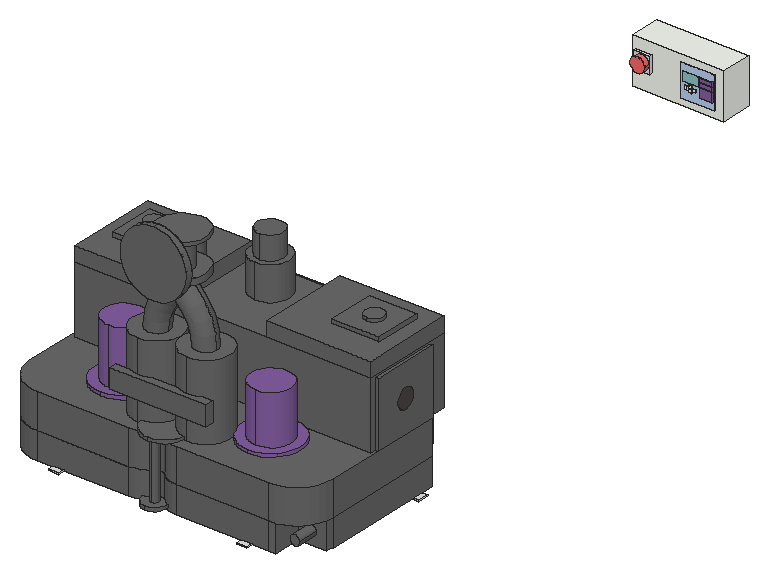
Revit family "11080", category Generic Models, Revit 2021
Family settings
  Can host rebar = No
  Round Connector Dimension = Use Diameter
  Part Type = Normal
  Work Plane-Based = No
  Always vertical = Yes
  Cut with Voids When Loaded = No
  Shared = Yes
  Room Calculation Point = No
Parameters (values of type "11080")
  SUPPLIER = "KESSEL"
  SA700ID49 = "Protection Class I"
  SA700ID48 = "no"
  SA700ID47 = "no"
  SA700ID46 = "yes"
  SA700ID37 = 28000 mm
  SA700ID34 = 60
  SA700ID33 = 5.7 W
  SA700ID32 = 222.72 kg
  SA700ID31 = 1
  SA700ID30 = 2
  SA700ID29 = "GLRD"
  SA700ID21 = 2800
  SA700ID10 = "yes"
  SA700ID08 = 400 V
  PROCUREWEBLINK = "https://p.caden.as/kessel/11080"
  PROCURELINK = "p.caden.as/kessel/11080"
  PROCUREDATALASTUPDATE = "2024-05-22T12:17:48.115502648+01:00"
  PREVIEW = "../../bilder/ksb_w_11080.png"
  PRC_SPECIFICATIONLINK = "https://ausschreiben.de/catalog/kessel/catalogItem/e810e59b-9e4c-44a9-90b6-bb2973ad9a50"
  NN = "Lifting station Aqualift F XL"
  NBSYN = "$SA810ID03."
  NB = "11080"
  Model = "11080"
  Manufacturer = "KESSEL"
  MIdent = "{$CADENAS_DATA/23d-libs/kessel/kessel_vdi_import/4/entwaesserung/hebeanlage20aqualift20f20xl.prj},201 {STYP=ASS},{VTYP=3D},{NB=11080},{LINA=11080},{NN=Lifting station Aqualift F XL},{DATE=21.11.2022 10:48:11},{GEOMDATE=21.11.2022 10:48:11},{VERSION=},{LINEID=150},{WBVAR=LODLEVEL},{WBNUMERIC=LODLEVEL}  {NB=11080},{LINA=11080},{KT=DUMMY},{PREVIEW=../../bilder/ksb_w_11080.png},{SA700ID04=Hebeanlage Aqualift F XL 300 l, Duo, SPF 5500-S3, Gussschieber},{SA810ID06=04026092057476},{SA700ID34=60.00},{SA010ID03=201805},{SA810ID03=11080},{SA810ID10=Die Hebeanlage für fäkalienhaltiges und fäkalienfreies Abwasser ist mit einer überflutbaren Pumpe sowie einem Rückflussverhinderer ausgestattet. Der Sammelbehälter aus dauerhaft beständigem Kunststoff (PE) bietet universale Anschlussmöglichkeiten und hat eine verschraubte Reinigungsöffnung.Die Steuerung erfolgt durch ein anwenderfreundliches Schaltgerät, das optional über einen potentialfreien Kontakt in die Gebäudeleittechnik eingebunden werden oder optional Alarm- und Sammelstörmeldungen über eine GSM-Schnittstelle (Comfort Schaltgerät) ausgeben kann.Ausführung:Absperreinrichtung: Schieber aus GussAnlagenart: DoppelanlagePumpensteuerung: SchaltgerätRückflussverhinderer: integriertSchalldämmmatte: jaAuslieferungszustand: installationsfertig (elektrische Komponenten, Verbindungsteile sind bauseits anzuschließen)Einbausituation: freie AufstellungAbwasserart: fäkalienhaltigAllgemeine Merkmale:Farbe: schwarzNorm: EN 12050-1Abmessungen:Länge: 1.260 mmBreite: 889 mmHöhe: 1.042 mmBehälter/Grundkörper:Zulauf Anzahl: 1 STZulauf Nennweite (DN): 100 mmZulauf Nennweite (DA): 110 mmZulauf max. Anbohrung (DN): 200 mmAnschluss für Handmembranpumpe (DN): 32Behältervolumen: 300 lDruckabgang: senkrechtDruckabgang (DA): 90 mmDruckabgang (DN): 80 mmEntlüftungsanschluss (DN): 70 mmNutzvolumen: 175 lFördereinrichtung:Pumpe: SPF 5500Anzahl Pumpen: 2Förderhöhe max.: 28 mFörderleistung max.: 60 m3/hBetriebsart: S3 - 30 %Leistung P1: 5,7 kWLeistung P2: 4,8 kWDrehzahl: 2.800 U/minFörderguttemperatur (dauerhaft) max.: 40 °CAnschlusstyp: DirektanschlussGewicht: 38 kgLaufrad Typ: FreistromradLänge Netzanschlussleitung Pumpe: 5 mNennstrom: 9,1 ASchutzart Pumpe: IP 68 (3m/48h)Schutzklasse: ITyp Anschlussleitung Pumpe: H07RN8-F 6G 1 mm2Temperaturüberwachung: integriertSteuerung:Schaltgerät: ComfortBetriebsspannung: 400 VNetzfrequenz: 50 HzSelbstdiagnosesystem (SDS): jaBatteriepufferung: jaMehrzeilige Displayanzeige: jaLogbuchfunktion: jaGSM-Schnittstelle: jaPotentialfreier Kontakt: jaErforderliche Absicherung (Leitungsschutz): 3 x C 32 AMotorschutz Schalter: jaSchutzart Schaltgerät: IP 54Länge Netzanschlussleitung Schaltgerät: 0 mArt Niveauerfassung: pneumatischInstrument Niveauerfassung: TauchrohrAlarmgeber: Tauchrohr},{SA700ID37=28.00},{SA700ID33=5.70},{SA700ID08=400},{SA700ID30=2},{SA700ID32=222.72},{SA700ID49=Schutzklasse I},{SA700ID50=intern},{SA200ID03=6},{SA250ID03=vertikal},{SA260ID03=Trockenläuferpumpe},{SA350ID03=normalansaugend},{SA400ID03=E-Motor für Drehstrom},{SA460ID03=direkt},{SA500ID03=Kunststoff, Edelstahl},{SA700ID06=80},{SA700ID07=100},{SA700ID09=3/N/PE 400V},{SA700ID10=Ja},{SA700ID11=50},{SA700ID12=IP 68},{SA700ID13=F},{SA700ID15=40},{SA700ID21=2800.00},{SA700ID22=4.80},{SA700ID23=2800},{SA700ID24=2800},{SA700ID26=9.10},{SA700ID27=68.00},{SA700ID28=durchgehend},{SA700ID29=GLRD},{SA700ID31=1},{SA700ID46=ja},{SA700ID47=nein},{SA700ID48=nein},{SA110ID04=Hebeanlage Aqualift F XL},{SA300ID03=einstufig},{SA700ID44=10.00},{SA700ID45=10.00},{SA010ID04=KESSEL AG},{LODLEVEL=200},{LINK=https://www.kessel.de/info?han=11080},{SA970ID01=970},{SA970ID02=7179},{SA970ID03=11080},{SA970ID04=11002617},{SA970ID05=QUAD},{SA970ID06=-655.51},{SA970ID07=-650},{SA970ID08=0},{SA970ID09=1},{SA970ID10=0},{SA970ID11=0},{SA970ID12=0},{SA970ID13=1},{SA970ID14=0},{SA970ID15=1311.02},{SA970ID16=800},{SA970ID17=1037.75},{LODLEVEL_=200,'Low'},{LODLEVEL_DEU=200,'Low'},{LINK_=https://www.kessel.de/info?han=11080},{LINK_DEU=https://www.kessel.de/info?han=11080},{LODLEVEL_3DB=11080_200},{DNIN1=100},{DNIN2=70},{DNIN4=10},{DNIN5=10},{DNIN6=50},{DNIN7=50},{DNIN8=50},{DNIN9=50},{DNOUT1=32},{DNOUT2=100},{DNOUT3=70},{ISD1=96},{ISD2=10},{ISDOUT1=40},{ISDOUT2=85},{ISDOUT3=MIN},{SA010ID01=010},{SA010ID02=4},{SA010ID06=www.kessel.de},{SA010ID07=www.kessel.de},{SA010ID12=20180713},{SA010ID13=DEU},{SA010ID14=DE},{SA100ID01=100},{SA100ID02=4},{SA100ID04=Entwässerung},{SA110ID01=110},{SA110ID02=6},{SA200ID01=200},{SA200ID02=6},{SA250ID01=250},{SA250ID02=2},{SA260ID01=260},{SA260ID02=2},{SA300ID01=300},{SA300ID02=1},{SA350ID01=350},{SA350ID02=1},{SA400ID01=400},{SA400ID02=2},{SA460ID01=460},{SA460ID02=1},{SA500ID01=500},{SA500ID02=1},{SA700ID01=700},{SA700ID02=64},{SA700ID10_=1},{SA700ID16=0},{SA700ID25=0},{SA700ID46_=1},{SA700ID47_=0},{SA700ID48_=0},{SA700ID49_=1},{SA700ID50_=2},{SA800ID01=800},{SA800ID02=28},{SA810ID01=810},{SA810ID02=64},{SA810ID04=11080},{SA810ID07=64},{SA810ID09=1},{SA810ID14=PCE},{SA810ID15=1},{SA810ID16=NMP},{SA960ID03=64},{SA960ID04=3L},{SA960ID08=https://www.kessel.de/info?han=11080},{SA010ID08=4026092000007},{SA100ID05=Hebeanlage},{SA110ID06=Hebeanlage}"
  LINK = "https://www.kessel.de/info?han=11080"
  LINA = "11080"
  Default Elevation = 0 mm
  CREATOR = "CADENAS GmbH"
  CATALOG = "KESSEL"
  BOMINFO = "LINA"
  ARTICLENO = "NB"
  4.810.00.9 Order quantity (multiplicator) = "1"
  4.810.00.7 Media- connection number = "64"
  4.810.00.6 GTIN number = "04026092057476"
  4.810.00.4 DATANORM number = "11080"
  4.810.00.3 Producer order number = "11080"
  4.710.03.7 Mass (net) = 222.72 kg
  4.710.03.6 Height = 1042 mm
  4.710.03.5 Width = 889 mm
  4.710.03.4 Length = 1260 mm
  4.710.03.3 Type of dimensions = "2"
  4.710.02.8 Area of application of wastewater pump = "1"
  4.710.02.7 Art des S2/S3-Betriebs = "30 %"
  4.710.02.6 Duty type = "S3"
  4.710.02.5 Cutting device = "0"
  4.710.02.4 Attached pump control = "1"
  4.710.02.3 Free passage = 40 mm
  4.710.01.6 Option to connect to building automation = "40"
  4.710.01.5 Load regulation = "0"
  4.710.01.4 Designation of closed-loop control = "175"
  4.710.01.3 Identifier for closed-loop control = "300"
  4.700.00.9 Voltage = 0
  4.700.00.8 Nominal connection size on suction side = "100"
  4.700.00.7 Nominal connection size on pressure side = "100"
  4.700.00.6 Type of connection = "80"
  4.700.00.4 Product indentification = "Hebeanlage Aqualift F XL 300 l, Duo, SPF 5500-S3, Gussschieber"
  4.700.00.28 Motor pump shaft = "durchgehend"
  4.700.00.27 Starting current = 68
  4.700.00.26 Maximum power consumption per pump / drive = 9.1
  4.700.00.25 Minimum speed at internal speed adjustment = 0
  4.700.00.24 Nominal speed / maximum speed n = 46.6667
  4.700.00.23 Nominal speed of motor = 46.6667
  4.700.00.22 Maximum shaft output (P2) per pump/drive = 4.8 W
  4.700.00.16 Maximum temperature of pumped medium = 0 °C
  4.700.00.15 Increased safety class = "40 °C"
  4.700.00.13 Type of protection = "F"
  4.700.00.12 Frequency = 0
  4.700.00.11 Stern-/Dreieck-Anlaufschaltung bei Dreiphasenanschluss oder Drehstrom = "50 Hz"
  4.700.00.10 Phase = "1"
  4.500.00.3 Variant / Variant type / Accessories-name = "Kunststoff, Edelstahl"
  4.460.00.3 Variant / Variant type / Accessories-name = "direkt"
  4.400.00.3 Variant / Variant type / Accessories-name = "E-Motor für Drehstrom"
  4.350.00.3 Variant / Variant type / Accessories-name = "normalansaugend"
  4.300.00.3 Variant / Variant type / Accessories-name = "einstufig"
  4.260.00.3 Variant / Variant type / Accessories-name = "Trockenläuferpumpe"
  4.250.00.3 Variant / Variant type / Accessories-name = "vertikal"
  4.200.00.3 Variant / Variant type / Accessories-name = "6"
  4.110.00.6 Product classification = "Hebeanlage"
  4.110.00.4 Product indentification = "Hebeanlage Aqualift F XL"
  4.100.00.5 Main groups of wares = "Hebeanlage"
  4.100.00.4 Product indentification = "Entwässerung"
  4.010.00.8 Producer ID number = "4026092000007"
  4.010.00.7 Comment = "www.kessel.de"
  4.010.00.6 Web address of the manufacturer = "www.kessel.de"
  4.010.00.4 Manufacturer name = "KESSEL AG"
  4.010.00.3 Date of issuance (month) of guideline = "201805"
  4.010.00.2 Sheet number of the guideline = "4"
  4.010.00.14 Kennungen der Projektländer, für die die Datei gültig ist = "DE"
  4.010.00.13 Sprache der Datei = "DEU"
  4.010.00.12 Stand des Herstellerkatalogs = "20180713"
Reference planes
  plane 1 "Center (Front/Back)": y = 0
  plane 2: z = 0
  plane 3 "Center (Left/Right)": x = 0
Forms (mm)
  Extrusion 1, void
    sketch origin (-305.4, -376.25, 472.4) x (1, 0, 0) y (0, -1, 0)
      loop
        line (-0.5, 0.5) -> (-0.5, -0.5) -> (0.5, -0.5) -> (0.5, 0.5) -> (-0.5, 0.5)
    from 0 to 1
Dimensions and locks
  locked: plane 2 to Extrusion 1 at 471.4
  locked: plane 2 to Extrusion 1 at 472.4
  aligned and locked: level to plane 2
Nested families
  nested 1: "11080_content" at (0, 0, 0), type "11080_Content"
  nested 2: "11080_part1_X0Y0" at (1000, 1000, 1200), type "11080_PART1_X0Y0"
  nested 3: "11080_part2_X0Y0" at (0, 0, 0), type "11080_PART2_X0Y0"
Connectors
  electrical at (861, 933, 1201.5)
    settings: on nested 2, index 1, voltage 0 V, apparent load 0 VA, apparent load phase1 0 VA, apparent load phase2 0 VA, apparent load phase3 0 VA, power factor 1, load classification "Other", number of poles 1, system type 31, power factor state 1, is connector primary yes, connector utility no, sub classification motor no, connector description ""
  piping at (0, 0, 771), diameter 100
    settings: on nested 3, index 2, connector inside diameter 609.6 mm, connector length 0 mm, flow factor 0, pipe flow 0.0 L/s, pressure drop 0.0 Pa, fitting loss kfactor 0, connector angle 0.00°, fixture units 0, engagement length 0 mm, angle of deflection 0.00°, flow configuration 0, flow direction 1, fitting loss method 2, system type 8, joint type 0, gender type 0, connector reference index -1, connector utility 0, adjustable connector no, is connector primary yes, connector description ""
  piping at (631, -84.999, 392), diameter 70
    settings: on nested 3, index 3, connector inside diameter 609.6 mm, connector length 0 mm, flow factor 0, pipe flow 0.0 L/s, pressure drop 0.0 Pa, fitting loss kfactor 0, connector angle 0.00°, fixture units 0, engagement length 0 mm, angle of deflection 0.00°, flow configuration 0, flow direction 0, fitting loss method 2, system type 8, joint type 0, gender type 0, connector reference index -1, connector utility 0, adjustable connector no, is connector primary no, connector description ""
  piping at (358.7, 150.5, 392), diameter 70
    settings: on nested 3, index 4, connector inside diameter 609.6 mm, connector length 0 mm, flow factor 0, pipe flow 0.0 L/s, pressure drop 0.0 Pa, fitting loss kfactor 0, connector angle 0.00°, fixture units 0, engagement length 0 mm, angle of deflection 0.00°, flow configuration 0, flow direction 0, fitting loss method 2, system type 8, joint type 0, gender type 0, connector reference index -1, connector utility 0, adjustable connector no, is connector primary no, connector description ""
  piping at (-357.7, 150.5, 392), diameter 70
    settings: on nested 3, index 5, connector inside diameter 609.6 mm, connector length 0 mm, flow factor 0, pipe flow 0.0 L/s, pressure drop 0.0 Pa, fitting loss kfactor 0, connector angle 0.00°, fixture units 0, engagement length 0 mm, angle of deflection 0.00°, flow configuration 0, flow direction 0, fitting loss method 2, system type 8, joint type 0, gender type 0, connector reference index -1, connector utility 0, adjustable connector no, is connector primary no, connector description ""
  piping at (-630, -85, 392), diameter 70
    settings: on nested 3, index 6, connector inside diameter 609.6 mm, connector length 0 mm, flow factor 0, pipe flow 0.0 L/s, pressure drop 0.0 Pa, fitting loss kfactor 0, connector angle 0.00°, fixture units 0, engagement length 0 mm, angle of deflection 0.00°, flow configuration 0, flow direction 0, fitting loss method 2, system type 8, joint type 0, gender type 0, connector reference index -1, connector utility 0, adjustable connector no, is connector primary no, connector description ""
  piping at (0, -460, 970), diameter 85
    settings: on nested 3, index 7, connector inside diameter 609.6 mm, connector length 0 mm, flow factor 0, pipe flow 0.0 L/s, pressure drop 0.0 Pa, fitting loss kfactor 0, connector angle 0.00°, fixture units 0, engagement length 0 mm, angle of deflection 0.00°, flow configuration 0, flow direction 2, fitting loss method 2, system type 7, joint type 0, gender type 0, connector reference index -1, connector utility 0, adjustable connector no, is connector primary no, connector description ""
  piping at (-269.5, -60, 681), diameter 70
    settings: on nested 3, index 8, connector inside diameter 609.6 mm, connector length 0 mm, flow factor 0, pipe flow 0.0 L/s, pressure drop 0.0 Pa, fitting loss kfactor 0, connector angle 0.00°, fixture units 0, engagement length 0 mm, angle of deflection 0.00°, flow configuration 0, flow direction 2, fitting loss method 2, system type 7, joint type 0, gender type 0, connector reference index -1, connector utility 0, adjustable connector no, is connector primary no, connector description ""
  piping at (565, -575.5, 56), diameter 32
    settings: on nested 3, index 9, connector inside diameter 609.6 mm, connector length 0 mm, flow factor 0, pipe flow 0.0 L/s, pressure drop 0.0 Pa, fitting loss kfactor 0, connector angle 0.00°, fixture units 0, engagement length 0 mm, angle of deflection 0.00°, flow configuration 0, flow direction 2, fitting loss method 2, system type 7, joint type 0, gender type 0, connector reference index -1, connector utility 0, adjustable connector no, is connector primary no, connector description ""
  piping at (0, 150.5, 392), diameter 70
    settings: on nested 3, index 10, connector inside diameter 609.6 mm, connector length 0 mm, flow factor 0, pipe flow 0.0 L/s, pressure drop 0.0 Pa, fitting loss kfactor 0, connector angle 0.00°, fixture units 0, engagement length 0 mm, angle of deflection 0.00°, flow configuration 0, flow direction 0, fitting loss method 2, system type 29, joint type 0, gender type 0, connector reference index -1, connector utility 0, adjustable connector no, is connector primary no, connector description ""
  electrical at (305.4, -376.25, 472.4)
    settings: on nested 3, index 11, voltage 0 V, apparent load 0 VA, apparent load phase1 0 VA, apparent load phase2 0 VA, apparent load phase3 0 VA, power factor 1, load classification "Other", number of poles 1, system type 31, power factor state 1, is connector primary no, connector utility no, sub classification motor no, connector description ""
  electrical at (-305.4, -376.25, 472.4)
    settings: on Extrusion 1, index 12, voltage 0 V, apparent load 0 VA, apparent load phase1 0 VA, apparent load phase2 0 VA, apparent load phase3 0 VA, power factor 1, load classification "Other", number of poles 1, system type 31, power factor state 1, is connector primary no, connector utility no, sub classification motor no, connector description ""
  electrical at (-457, -29.5, 650)
    settings: on nested 3, index 13, voltage 0 V, apparent load 0 VA, apparent load phase1 0 VA, apparent load phase2 0 VA, apparent load phase3 0 VA, power factor 1, load classification "Other", number of poles 1, system type 31, power factor state 1, is connector primary no, connector utility no, sub classification motor no, connector description ""
Definition of nested family "11080_part1_X0Y0"
  Parameters (values of type "11080_PART1_X0Y0")
    SUPPLIER = "KESSEL"
    SA700ID49 = "Protection Class I"
    SA700ID48 = "no"
    SA700ID47 = "no"
    SA700ID46 = "yes"
    SA700ID37 = 28000 mm
    SA700ID34 = 60
    SA700ID33 = 5.7 W
    SA700ID32 = 222.72 kg
    SA700ID31 = 1
    SA700ID30 = 2
    SA700ID29 = "GLRD"
    SA700ID21 = 2800
    SA700ID10 = "yes"
    SA700ID08 = 400 V
    PREVIEW = "../../bilder/ksb_w_11080.png"
    NBSYN = "$SA810ID03._PART1"
    NB = "11080_PART1"
    Model = "11080_PART1"
    Manufacturer = "KESSEL"
    MIdent = "{$CADENAS_DATA/23d-libs/kessel/kessel_vdi_import/4/entwaesserung/hebeanlage20aqualift20f20xl.prj},221 {VTYP=3D},{NB=11080_PART1},{LINA=11080_PART1},{NN=Lifting station Aqualift F XL_PART1},{NOPRJ=TRUE},{DATE=21.11.2022 10:48:11},{GEOMDATE=21.11.2022 10:48:11},{VERSION=},{LINEID=150},{WBVAR=LODLEVEL},{WBNUMERIC=LODLEVEL}  {NB=11080_PART1},{LINA=11080_PART1},{KT=DUMMY},{PREVIEW=../../bilder/ksb_w_11080.png},{SA700ID04=Hebeanlage Aqualift F XL 300 l, Duo, SPF 5500-S3, Gussschieber},{SA810ID06=04026092057476},{SA700ID34=60.00},{SA010ID03=201805},{SA810ID03=11080},{SA810ID10=Die Hebeanlage für fäkalienhaltiges und fäkalienfreies Abwasser ist mit einer überflutbaren Pumpe sowie einem Rückflussverhinderer ausgestattet. Der Sammelbehälter aus dauerhaft beständigem Kunststoff (PE) bietet universale Anschlussmöglichkeiten und hat eine verschraubte Reinigungsöffnung.Die Steuerung erfolgt durch ein anwenderfreundliches Schaltgerät, das optional über einen potentialfreien Kontakt in die Gebäudeleittechnik eingebunden werden oder optional Alarm- und Sammelstörmeldungen über eine GSM-Schnittstelle (Comfort Schaltgerät) ausgeben kann.Ausführung:Absperreinrichtung: Schieber aus GussAnlagenart: DoppelanlagePumpensteuerung: SchaltgerätRückflussverhinderer: integriertSchalldämmmatte: jaAuslieferungszustand: installationsfertig (elektrische Komponenten, Verbindungsteile sind bauseits anzuschließen)Einbausituation: freie AufstellungAbwasserart: fäkalienhaltigAllgemeine Merkmale:Farbe: schwarzNorm: EN 12050-1Abmessungen:Länge: 1.260 mmBreite: 889 mmHöhe: 1.042 mmBehälter/Grundkörper:Zulauf Anzahl: 1 STZulauf Nennweite (DN): 100 mmZulauf Nennweite (DA): 110 mmZulauf max. Anbohrung (DN): 200 mmAnschluss für Handmembranpumpe (DN): 32Behältervolumen: 300 lDruckabgang: senkrechtDruckabgang (DA): 90 mmDruckabgang (DN): 80 mmEntlüftungsanschluss (DN): 70 mmNutzvolumen: 175 lFördereinrichtung:Pumpe: SPF 5500Anzahl Pumpen: 2Förderhöhe max.: 28 mFörderleistung max.: 60 m3/hBetriebsart: S3 - 30 %Leistung P1: 5,7 kWLeistung P2: 4,8 kWDrehzahl: 2.800 U/minFörderguttemperatur (dauerhaft) max.: 40 °CAnschlusstyp: DirektanschlussGewicht: 38 kgLaufrad Typ: FreistromradLänge Netzanschlussleitung Pumpe: 5 mNennstrom: 9,1 ASchutzart Pumpe: IP 68 (3m/48h)Schutzklasse: ITyp Anschlussleitung Pumpe: H07RN8-F 6G 1 mm2Temperaturüberwachung: integriertSteuerung:Schaltgerät: ComfortBetriebsspannung: 400 VNetzfrequenz: 50 HzSelbstdiagnosesystem (SDS): jaBatteriepufferung: jaMehrzeilige Displayanzeige: jaLogbuchfunktion: jaGSM-Schnittstelle: jaPotentialfreier Kontakt: jaErforderliche Absicherung (Leitungsschutz): 3 x C 32 AMotorschutz Schalter: jaSchutzart Schaltgerät: IP 54Länge Netzanschlussleitung Schaltgerät: 0 mArt Niveauerfassung: pneumatischInstrument Niveauerfassung: TauchrohrAlarmgeber: Tauchrohr},{SA700ID37=28.00},{SA700ID33=5.70},{SA700ID08=400},{SA700ID30=2},{SA700ID32=222.72},{SA700ID49=Schutzklasse I},{SA700ID50=intern},{SA200ID03=6},{SA250ID03=vertikal},{SA260ID03=Trockenläuferpumpe},{SA350ID03=normalansaugend},{SA400ID03=E-Motor für Drehstrom},{SA460ID03=direkt},{SA500ID03=Kunststoff, Edelstahl},{SA700ID06=80},{SA700ID07=100},{SA700ID09=3/N/PE 400V},{SA700ID10=Ja},{SA700ID11=50},{SA700ID12=IP 68},{SA700ID13=F},{SA700ID15=40},{SA700ID21=2800.00},{SA700ID22=4.80},{SA700ID23=2800},{SA700ID24=2800},{SA700ID26=9.10},{SA700ID27=68.00},{SA700ID28=durchgehend},{SA700ID29=GLRD},{SA700ID31=1},{SA700ID46=ja},{SA700ID47=nein},{SA700ID48=nein},{SA110ID04=Hebeanlage Aqualift F XL},{SA300ID03=einstufig},{SA700ID44=10.00},{SA700ID45=10.00},{SA010ID04=KESSEL AG},{LODLEVEL=200},{LINK=https://www.kessel.de/info?han=11080},{SA970ID01=970},{SA970ID02=7179},{SA970ID03=11080},{SA970ID04=11002617},{SA970ID05=QUAD},{SA970ID06=-655.51},{SA970ID07=-650},{SA970ID08=0},{SA970ID09=1},{SA970ID10=0},{SA970ID11=0},{SA970ID12=0},{SA970ID13=1},{SA970ID14=0},{SA970ID15=1311.02},{SA970ID16=800},{SA970ID17=1037.75},{LODLEVEL_=200,'Low'},{LODLEVEL_DEU=200,'Low'},{LINK_=https://www.kessel.de/info?han=11080},{LINK_DEU=https://www.kessel.de/info?han=11080},{LODLEVEL_3DB=11080_200},{DNIN1=100},{DNIN2=70},{DNIN4=10},{DNIN5=10},{DNIN6=50},{DNIN7=50},{DNIN8=50},{DNIN9=50},{DNOUT1=32},{DNOUT2=100},{DNOUT3=70},{ISD1=96},{ISD2=10},{ISDOUT1=40},{ISDOUT2=85},{ISDOUT3=MIN},{SA010ID01=010},{SA010ID02=4},{SA010ID06=www.kessel.de},{SA010ID07=www.kessel.de},{SA010ID12=20180713},{SA010ID13=DEU},{SA010ID14=DE},{SA100ID01=100},{SA100ID02=4},{SA100ID04=Entwässerung},{SA110ID01=110},{SA110ID02=6},{SA200ID01=200},{SA200ID02=6},{SA250ID01=250},{SA250ID02=2},{SA260ID01=260},{SA260ID02=2},{SA300ID01=300},{SA300ID02=1},{SA350ID01=350},{SA350ID02=1},{SA400ID01=400},{SA400ID02=2},{SA460ID01=460},{SA460ID02=1},{SA500ID01=500},{SA500ID02=1},{SA700ID01=700},{SA700ID02=64},{SA700ID10_=1},{SA700ID16=0},{SA700ID25=0},{SA700ID46_=1},{SA700ID47_=0},{SA700ID48_=0},{SA700ID49_=1},{SA700ID50_=2},{SA800ID01=800},{SA800ID02=28},{SA810ID01=810},{SA810ID02=64},{SA810ID04=11080},{SA810ID07=64},{SA810ID09=1},{SA810ID14=PCE},{SA810ID15=1},{SA810ID16=NMP},{SA960ID03=64},{SA960ID04=3L},{SA960ID08=https://www.kessel.de/info?han=11080},{SA010ID08=4026092000007},{SA100ID05=Hebeanlage},{SA110ID06=Hebeanlage}"
    LINK = "https://www.kessel.de/info?han=11080"
    LINA = "11080_PART1"
    Default Elevation = 1219.2 mm
    CREATOR = "CADENAS GmbH"
    CATALOG = "KESSEL"
    BOMINFO = "LINA"
    ARTICLENO = "NB"
    4.810.00.9 Order quantity (multiplicator) = "1"
    4.810.00.7 Media- connection number = "64"
    4.810.00.6 GTIN number = "04026092057476"
    4.810.00.4 DATANORM number = "11080"
    4.810.00.3 Producer order number = "11080"
    4.710.03.7 Mass (net) = 222.72 kg
    4.710.03.6 Height = 1042 mm
    4.710.03.5 Width = 889 mm
    4.710.03.4 Length = 1260 mm
    4.710.03.3 Type of dimensions = "2"
    4.710.02.8 Area of application of wastewater pump = "1"
    4.710.02.7 Art des S2/S3-Betriebs = "30 %"
    4.710.02.6 Duty type = "S3"
    4.710.02.5 Cutting device = "0"
    4.710.02.4 Attached pump control = "1"
    4.710.02.3 Free passage = 40 mm
    4.710.01.6 Option to connect to building automation = "40"
    4.710.01.5 Load regulation = "0"
    4.710.01.4 Designation of closed-loop control = "175"
    4.710.01.3 Identifier for closed-loop control = "300"
    4.700.00.9 Voltage = 0
    4.700.00.8 Nominal connection size on suction side = "100"
    4.700.00.7 Nominal connection size on pressure side = "100"
    4.700.00.6 Type of connection = "80"
    4.700.00.4 Product indentification = "Hebeanlage Aqualift F XL 300 l, Duo, SPF 5500-S3, Gussschieber"
    4.700.00.28 Motor pump shaft = "durchgehend"
    4.700.00.27 Starting current = 68
    4.700.00.26 Maximum power consumption per pump / drive = 9.1
    4.700.00.25 Minimum speed at internal speed adjustment = 0
    4.700.00.24 Nominal speed / maximum speed n = 46.6667
    4.700.00.23 Nominal speed of motor = 46.6667
    4.700.00.22 Maximum shaft output (P2) per pump/drive = 4.8 W
    4.700.00.16 Maximum temperature of pumped medium = 0 °C
    4.700.00.15 Increased safety class = "40 °C"
    4.700.00.13 Type of protection = "F"
    4.700.00.12 Frequency = 0
    4.700.00.11 Stern-/Dreieck-Anlaufschaltung bei Dreiphasenanschluss oder Drehstrom = "50 Hz"
    4.700.00.10 Phase = "1"
    4.500.00.3 Variant / Variant type / Accessories-name = "Kunststoff, Edelstahl"
    4.460.00.3 Variant / Variant type / Accessories-name = "direkt"
    4.400.00.3 Variant / Variant type / Accessories-name = "E-Motor für Drehstrom"
    4.350.00.3 Variant / Variant type / Accessories-name = "normalansaugend"
    4.300.00.3 Variant / Variant type / Accessories-name = "einstufig"
    4.260.00.3 Variant / Variant type / Accessories-name = "Trockenläuferpumpe"
    4.250.00.3 Variant / Variant type / Accessories-name = "vertikal"
    4.200.00.3 Variant / Variant type / Accessories-name = "6"
    4.110.00.6 Product classification = "Hebeanlage"
    4.110.00.4 Product indentification = "Hebeanlage Aqualift F XL"
    4.100.00.5 Main groups of wares = "Hebeanlage"
    4.100.00.4 Product indentification = "Entwässerung"
    4.010.00.8 Producer ID number = "4026092000007"
    4.010.00.7 Comment = "www.kessel.de"
    4.010.00.6 Web address of the manufacturer = "www.kessel.de"
    4.010.00.4 Manufacturer name = "KESSEL AG"
    4.010.00.3 Date of issuance (month) of guideline = "201805"
    4.010.00.2 Sheet number of the guideline = "4"
    4.010.00.14 Kennungen der Projektländer, für die die Datei gültig ist = "DE"
    4.010.00.13 Sprache der Datei = "DEU"
    4.010.00.12 Stand des Herstellerkatalogs = "20180713"
  Reference planes
    plane 1 "Center (Front/Back)": y = 0
    plane 2: z = 0
    plane 3 "Center (Left/Right)": x = 0
  Dimensions and locks
    aligned and locked: level to plane 2
  Nested families
    nested 1: "11080_part1_content" at (0, 0, 0), type "11080_PART1_Content"
  Definition of nested family "11080_part1_content"
    Parameters (values of type "11080_PART1_Content")
      SUPPLIER = "KESSEL"
      SA700ID49 = "Protection Class I"
      SA700ID48 = "no"
      SA700ID47 = "no"
      SA700ID46 = "yes"
      SA700ID37 = 28000 mm
      SA700ID34 = 60
      SA700ID33 = 5.7 W
      SA700ID32 = 222.72 kg
      SA700ID31 = 1
      SA700ID30 = 2
      SA700ID29 = "GLRD"
      SA700ID21 = 2800
      SA700ID10 = "yes"
      SA700ID08 = 400 V
      PREVIEW = "../../bilder/ksb_w_11080.png"
      NBSYN = "$SA810ID03._PART1"
      NB = "11080_PART1"
      Model = "11080_PART1"
      Manufacturer = "KESSEL"
      LINK = "https://www.kessel.de/info?han=11080"
      LINA = "11080_PART1"
      Default Elevation = 1219.2 mm
      CREATOR = "CADENAS GmbH"
      CATALOG = "KESSEL"
      BOMINFO = "LINA"
      ARTICLENO = "NB"
      4.810.00.9 Order quantity (multiplicator) = "1"
      4.810.00.7 Media- connection number = "64"
      4.810.00.6 GTIN number = "04026092057476"
      4.810.00.4 DATANORM number = "11080"
      4.810.00.3 Producer order number = "11080"
      4.710.03.7 Mass (net) = 222.72 kg
      4.710.03.6 Height = 1042 mm
      4.710.03.5 Width = 889 mm
      4.710.03.4 Length = 1260 mm
      4.710.03.3 Type of dimensions = "2"
      4.710.02.8 Area of application of wastewater pump = "1"
      4.710.02.7 Art des S2/S3-Betriebs = "30 %"
      4.710.02.6 Duty type = "S3"
      4.710.02.5 Cutting device = "0"
      4.710.02.4 Attached pump control = "1"
      4.710.02.3 Free passage = 40 mm
      4.710.01.6 Option to connect to building automation = "40"
      4.710.01.5 Load regulation = "0"
      4.710.01.4 Designation of closed-loop control = "175"
      4.710.01.3 Identifier for closed-loop control = "300"
      4.700.00.9 Voltage = 0
      4.700.00.8 Nominal connection size on suction side = "100"
      4.700.00.7 Nominal connection size on pressure side = "100"
      4.700.00.6 Type of connection = "80"
      4.700.00.4 Product indentification = "Hebeanlage Aqualift F XL 300 l, Duo, SPF 5500-S3, Gussschieber"
      4.700.00.28 Motor pump shaft = "durchgehend"
      4.700.00.27 Starting current = 68
      4.700.00.26 Maximum power consumption per pump / drive = 9.1
      4.700.00.25 Minimum speed at internal speed adjustment = 0
      4.700.00.24 Nominal speed / maximum speed n = 46.6667
      4.700.00.23 Nominal speed of motor = 46.6667
      4.700.00.22 Maximum shaft output (P2) per pump/drive = 4.8 W
      4.700.00.16 Maximum temperature of pumped medium = 0 °C
      4.700.00.15 Increased safety class = "40 °C"
      4.700.00.13 Type of protection = "F"
      4.700.00.12 Frequency = 0
      4.700.00.11 Stern-/Dreieck-Anlaufschaltung bei Dreiphasenanschluss oder Drehstrom = "50 Hz"
      4.700.00.10 Phase = "1"
      4.500.00.3 Variant / Variant type / Accessories-name = "Kunststoff, Edelstahl"
      4.460.00.3 Variant / Variant type / Accessories-name = "direkt"
      4.400.00.3 Variant / Variant type / Accessories-name = "E-Motor für Drehstrom"
      4.350.00.3 Variant / Variant type / Accessories-name = "normalansaugend"
      4.300.00.3 Variant / Variant type / Accessories-name = "einstufig"
      4.260.00.3 Variant / Variant type / Accessories-name = "Trockenläuferpumpe"
      4.250.00.3 Variant / Variant type / Accessories-name = "vertikal"
      4.200.00.3 Variant / Variant type / Accessories-name = "6"
      4.110.00.6 Product classification = "Hebeanlage"
      4.110.00.4 Product indentification = "Hebeanlage Aqualift F XL"
      4.100.00.5 Main groups of wares = "Hebeanlage"
      4.100.00.4 Product indentification = "Entwässerung"
      4.010.00.8 Producer ID number = "4026092000007"
      4.010.00.7 Comment = "www.kessel.de"
      4.010.00.6 Web address of the manufacturer = "www.kessel.de"
      4.010.00.4 Manufacturer name = "KESSEL AG"
      4.010.00.3 Date of issuance (month) of guideline = "201805"
      4.010.00.2 Sheet number of the guideline = "4"
      4.010.00.14 Kennungen der Projektländer, für die die Datei gültig ist = "DE"
      4.010.00.13 Sprache der Datei = "DEU"
      4.010.00.12 Stand des Herstellerkatalogs = "20180713"
    Reference planes
      plane 1 "Center (Front/Back)": y = 0
      plane 2: z = 0
      plane 3 "Center (Left/Right)": x = 0
    Forms (mm)
      Extrusion 1, solid, detail levels medium+fine
        sketch origin (189.25, -1.75, 0.2) x (0, -1, 0) y (0, 0, 1)
          loop
            line (0, 187.8) -> (0, 0) -> (127.75, 0) -> (127.75, 187.8) -> (0, 187.8)
        from 0 to 378.5
      Extrusion 2, solid, detail levels medium+fine
        sketch origin (-4, -67, 0) x (0, 1, 0) y (-1, 0, 0)
          loop
            circle (0, 0) r 12.5
        from 0 to 1.5
      Extrusion 3, solid, detail levels medium+fine
        sketch origin (150.8, -129.5, 26.5) x (0, -1, 0) y (0, 0, 1)
          loop
            line (-1.2, 134.8) -> (-1.2, 0) -> (0.25, 0) -> (0.25, 134.8) -> (-1.2, 134.8)
        from 0 to 139.9
      Extrusion 4, solid, detail levels medium+fine
        sketch origin (72.55, -129.75, 66) x (0, -1, 0) y (0, 0, 1)
          loop
            line (-1, 12) -> (-1, 0) -> (0.5, 0) -> (0.5, 12) -> (-1, 12)
        from 0 to 12
      Extrusion 5, solid, detail levels medium+fine
        sketch origin (84.45, -129.75, 93.4) x (0, -1, 0) y (0, 0, 1)
          loop
            line (-1, 37) -> (-1, 0) -> (0.5, 0) -> (0.5, 37) -> (-1, 37)
        from 0 to 66
      Extrusion 6, solid, detail levels medium+fine
        sketch origin (55.3, -129.75, 74) x (0, -1, 0) y (0, 0, 1)
          loop
            line (-1, 12) -> (-1, 0) -> (0.5, 0) -> (0.5, 12) -> (-1, 12)
        from 0 to 12
      Extrusion 7, solid, detail levels medium+fine
        sketch origin (143.3, -129.75, 94.4) x (0, -1, 0) y (0, 0, 1)
          loop
            line (0, 16) -> (0, 0) -> (1.75, 0) -> (1.75, 16) -> (0, 16)
        from 0 to 51
      Extrusion 8, solid, detail levels medium+fine
        sketch origin (143.3, -129.75, 54.4) x (0, -1, 0) y (0, 0, 1)
          loop
            line (0, 36) -> (0, 0) -> (1.75, 0) -> (1.75, 36) -> (0, 36)
        from 0 to 51
      Extrusion 9, solid, detail levels medium+fine
        sketch origin (55.3, -129.75, 57.5) x (0, -1, 0) y (0, 0, 1)
          loop
            line (-1, 12) -> (-1, 0) -> (0.5, 0) -> (0.5, 12) -> (-1, 12)
        from 0 to 12
      Extrusion 10, solid, detail levels medium+fine
        sketch origin (143.3, -129.75, 114.4) x (0, -1, 0) y (0, 0, 1)
          loop
            line (0, 16) -> (0, 0) -> (1.75, 0) -> (1.75, 16) -> (0, 16)
        from 0 to 51
      Extrusion 11, solid, detail levels medium+fine
        sketch origin (38.05, -129.75, 66) x (0, -1, 0) y (0, 0, 1)
          loop
            line (-1, 12) -> (-1, 0) -> (0.5, 0) -> (0.5, 12) -> (-1, 12)
        from 0 to 12
      Extrusion 12, solid, detail levels medium+fine
        sketch origin (47, -72, 0) x (0, 1, 0) y (-1, 0, 0)
          loop
            circle (0, 0) r 8
        from 0 to 1.5
      Extrusion 13, solid, detail levels medium+fine
        sketch origin (47, -42, 0) x (0, 1, 0) y (-1, 0, 0)
          loop
            circle (0, 0) r 5.25
        from 0 to 1.5
      Extrusion 14, solid, detail levels medium+fine
        sketch origin (77, -72, 0) x (0, 1, 0) y (-1, 0, 0)
          loop
            circle (0, 0) r 8
        from 0 to 1.5
      Extrusion 15, solid, detail levels medium+fine
        sketch origin (-94, -67, 0) x (0, 1, 0) y (-1, 0, 0)
          loop
            circle (0, 0) r 12.5
        from 0 to 1.5
      Extrusion 16, solid, detail levels medium+fine
        sketch origin (92, -42, 0) x (0, 1, 0) y (-1, 0, 0)
          loop
            circle (0, 0) r 8
        from 0 to 1.5
      Extrusion 17, solid, detail levels medium+fine
        sketch origin (107, -72, 0) x (0, 1, 0) y (-1, 0, 0)
          loop
            circle (0, 0) r 8
        from 0 to 1.5
      Extrusion 18, solid, detail levels medium+fine
        sketch origin (122, -42, 0) x (0, 1, 0) y (-1, 0, 0)
          loop
            circle (0, 0) r 8
        from 0 to 1.5
      Extrusion 19, solid, detail levels medium+fine
        sketch origin (-107.7, -129.5, 76.9) x (0, -1, 0) y (0, 0, 1)
          loop
            line (0, 67) -> (0, 0) -> (14, 0) -> (14, 67) -> (0, 67)
        from 0 to 67
      Extrusion 20, solid, detail levels medium+fine
        sketch origin (-141.2, -143.5, 110.4) x (1, 0, 0) y (0, 0, 1)
          loop
            circle (0, 0) r 30
        from 0 to 22
      Extrusion 21, solid, detail levels medium+fine
        sketch origin (127, -15, 0) x (0, 1, 0) y (-1, 0, 0)
          loop
            circle (0, 0) r 6
        from 0 to 1.5
      Extrusion 22, solid, detail levels medium+fine
        sketch origin (137, -72, 0) x (0, 1, 0) y (-1, 0, 0)
          loop
            circle (0, 0) r 8
        from 0 to 1.5
      Extrusion 23, solid, detail levels medium+fine
        sketch origin (-139, -67, 0) x (0, 1, 0) y (-1, 0, 0)
          loop
            circle (0, 0) r 12.5
        from 0 to 1.5
      Extrusion 24, solid, detail levels medium+fine
        sketch origin (152, -42, 0) x (0, 1, 0) y (-1, 0, 0)
          loop
            circle (0, 0) r 8
        from 0 to 1.5
      Extrusion 25, solid, detail levels coarse
        sketch origin (0, -83.625, 0) x (1, 0, 0) y (0, 1, 0)
          loop
            line (-189.25, -81.875) -> (189.25, -81.875) -> (189.25, 81.875) -> (-189.25, 81.875) -> (-189.25, -81.875)
        from 0 to 188
    Dimensions and locks
      aligned and locked: level to plane 2
Definition of nested family "11080_part2_X0Y0"
  Parameters (values of type "11080_PART2_X0Y0")
    SUPPLIER = "KESSEL"
    SA700ID49 = "Protection Class I"
    SA700ID48 = "no"
    SA700ID47 = "no"
    SA700ID46 = "yes"
    SA700ID37 = 28000 mm
    SA700ID34 = 60
    SA700ID33 = 5.7 W
    SA700ID32 = 222.72 kg
    SA700ID31 = 1
    SA700ID30 = 2
    SA700ID29 = "GLRD"
    SA700ID21 = 2800
    SA700ID10 = "yes"
    SA700ID08 = 400 V
    PREVIEW = "../../bilder/ksb_w_11080.png"
    NBSYN = "$SA810ID03._PART2"
    NB = "11080_PART2"
    Model = "11080_PART2"
    Manufacturer = "KESSEL"
    MIdent = "{$CADENAS_DATA/23d-libs/kessel/kessel_vdi_import/4/entwaesserung/hebeanlage20aqualift20f20xl.prj},221 {VTYP=3D},{NB=11080_PART2},{LINA=11080_PART2},{NN=Lifting station Aqualift F XL_PART2},{NOPRJ=TRUE},{DATE=21.11.2022 10:48:11},{GEOMDATE=21.11.2022 10:48:11},{VERSION=},{LINEID=150},{WBVAR=LODLEVEL},{WBNUMERIC=LODLEVEL}  {NB=11080_PART2},{LINA=11080_PART2},{KT=DUMMY},{PREVIEW=../../bilder/ksb_w_11080.png},{SA700ID04=Hebeanlage Aqualift F XL 300 l, Duo, SPF 5500-S3, Gussschieber},{SA810ID06=04026092057476},{SA700ID34=60.00},{SA010ID03=201805},{SA810ID03=11080},{SA810ID10=Die Hebeanlage für fäkalienhaltiges und fäkalienfreies Abwasser ist mit einer überflutbaren Pumpe sowie einem Rückflussverhinderer ausgestattet. Der Sammelbehälter aus dauerhaft beständigem Kunststoff (PE) bietet universale Anschlussmöglichkeiten und hat eine verschraubte Reinigungsöffnung.Die Steuerung erfolgt durch ein anwenderfreundliches Schaltgerät, das optional über einen potentialfreien Kontakt in die Gebäudeleittechnik eingebunden werden oder optional Alarm- und Sammelstörmeldungen über eine GSM-Schnittstelle (Comfort Schaltgerät) ausgeben kann.Ausführung:Absperreinrichtung: Schieber aus GussAnlagenart: DoppelanlagePumpensteuerung: SchaltgerätRückflussverhinderer: integriertSchalldämmmatte: jaAuslieferungszustand: installationsfertig (elektrische Komponenten, Verbindungsteile sind bauseits anzuschließen)Einbausituation: freie AufstellungAbwasserart: fäkalienhaltigAllgemeine Merkmale:Farbe: schwarzNorm: EN 12050-1Abmessungen:Länge: 1.260 mmBreite: 889 mmHöhe: 1.042 mmBehälter/Grundkörper:Zulauf Anzahl: 1 STZulauf Nennweite (DN): 100 mmZulauf Nennweite (DA): 110 mmZulauf max. Anbohrung (DN): 200 mmAnschluss für Handmembranpumpe (DN): 32Behältervolumen: 300 lDruckabgang: senkrechtDruckabgang (DA): 90 mmDruckabgang (DN): 80 mmEntlüftungsanschluss (DN): 70 mmNutzvolumen: 175 lFördereinrichtung:Pumpe: SPF 5500Anzahl Pumpen: 2Förderhöhe max.: 28 mFörderleistung max.: 60 m3/hBetriebsart: S3 - 30 %Leistung P1: 5,7 kWLeistung P2: 4,8 kWDrehzahl: 2.800 U/minFörderguttemperatur (dauerhaft) max.: 40 °CAnschlusstyp: DirektanschlussGewicht: 38 kgLaufrad Typ: FreistromradLänge Netzanschlussleitung Pumpe: 5 mNennstrom: 9,1 ASchutzart Pumpe: IP 68 (3m/48h)Schutzklasse: ITyp Anschlussleitung Pumpe: H07RN8-F 6G 1 mm2Temperaturüberwachung: integriertSteuerung:Schaltgerät: ComfortBetriebsspannung: 400 VNetzfrequenz: 50 HzSelbstdiagnosesystem (SDS): jaBatteriepufferung: jaMehrzeilige Displayanzeige: jaLogbuchfunktion: jaGSM-Schnittstelle: jaPotentialfreier Kontakt: jaErforderliche Absicherung (Leitungsschutz): 3 x C 32 AMotorschutz Schalter: jaSchutzart Schaltgerät: IP 54Länge Netzanschlussleitung Schaltgerät: 0 mArt Niveauerfassung: pneumatischInstrument Niveauerfassung: TauchrohrAlarmgeber: Tauchrohr},{SA700ID37=28.00},{SA700ID33=5.70},{SA700ID08=400},{SA700ID30=2},{SA700ID32=222.72},{SA700ID49=Schutzklasse I},{SA700ID50=intern},{SA200ID03=6},{SA250ID03=vertikal},{SA260ID03=Trockenläuferpumpe},{SA350ID03=normalansaugend},{SA400ID03=E-Motor für Drehstrom},{SA460ID03=direkt},{SA500ID03=Kunststoff, Edelstahl},{SA700ID06=80},{SA700ID07=100},{SA700ID09=3/N/PE 400V},{SA700ID10=Ja},{SA700ID11=50},{SA700ID12=IP 68},{SA700ID13=F},{SA700ID15=40},{SA700ID21=2800.00},{SA700ID22=4.80},{SA700ID23=2800},{SA700ID24=2800},{SA700ID26=9.10},{SA700ID27=68.00},{SA700ID28=durchgehend},{SA700ID29=GLRD},{SA700ID31=1},{SA700ID46=ja},{SA700ID47=nein},{SA700ID48=nein},{SA110ID04=Hebeanlage Aqualift F XL},{SA300ID03=einstufig},{SA700ID44=10.00},{SA700ID45=10.00},{SA010ID04=KESSEL AG},{LODLEVEL=200},{LINK=https://www.kessel.de/info?han=11080},{SA970ID01=970},{SA970ID02=7179},{SA970ID03=11080},{SA970ID04=11002617},{SA970ID05=QUAD},{SA970ID06=-655.51},{SA970ID07=-650},{SA970ID08=0},{SA970ID09=1},{SA970ID10=0},{SA970ID11=0},{SA970ID12=0},{SA970ID13=1},{SA970ID14=0},{SA970ID15=1311.02},{SA970ID16=800},{SA970ID17=1037.75},{LODLEVEL_=200,'Low'},{LODLEVEL_DEU=200,'Low'},{LINK_=https://www.kessel.de/info?han=11080},{LINK_DEU=https://www.kessel.de/info?han=11080},{LODLEVEL_3DB=11080_200},{DNIN1=100},{DNIN2=70},{DNIN4=10},{DNIN5=10},{DNIN6=50},{DNIN7=50},{DNIN8=50},{DNIN9=50},{DNOUT1=32},{DNOUT2=100},{DNOUT3=70},{ISD1=96},{ISD2=10},{ISDOUT1=40},{ISDOUT2=85},{ISDOUT3=MIN},{SA010ID01=010},{SA010ID02=4},{SA010ID06=www.kessel.de},{SA010ID07=www.kessel.de},{SA010ID12=20180713},{SA010ID13=DEU},{SA010ID14=DE},{SA100ID01=100},{SA100ID02=4},{SA100ID04=Entwässerung},{SA110ID01=110},{SA110ID02=6},{SA200ID01=200},{SA200ID02=6},{SA250ID01=250},{SA250ID02=2},{SA260ID01=260},{SA260ID02=2},{SA300ID01=300},{SA300ID02=1},{SA350ID01=350},{SA350ID02=1},{SA400ID01=400},{SA400ID02=2},{SA460ID01=460},{SA460ID02=1},{SA500ID01=500},{SA500ID02=1},{SA700ID01=700},{SA700ID02=64},{SA700ID10_=1},{SA700ID16=0},{SA700ID25=0},{SA700ID46_=1},{SA700ID47_=0},{SA700ID48_=0},{SA700ID49_=1},{SA700ID50_=2},{SA800ID01=800},{SA800ID02=28},{SA810ID01=810},{SA810ID02=64},{SA810ID04=11080},{SA810ID07=64},{SA810ID09=1},{SA810ID14=PCE},{SA810ID15=1},{SA810ID16=NMP},{SA960ID03=64},{SA960ID04=3L},{SA960ID08=https://www.kessel.de/info?han=11080},{SA010ID08=4026092000007},{SA100ID05=Hebeanlage},{SA110ID06=Hebeanlage}"
    LINK = "https://www.kessel.de/info?han=11080"
    LINA = "11080_PART2"
    Default Elevation = 1219.2 mm
    CREATOR = "CADENAS GmbH"
    CATALOG = "KESSEL"
    BOMINFO = "LINA"
    ARTICLENO = "NB"
    4.810.00.9 Order quantity (multiplicator) = "1"
    4.810.00.7 Media- connection number = "64"
    4.810.00.6 GTIN number = "04026092057476"
    4.810.00.4 DATANORM number = "11080"
    4.810.00.3 Producer order number = "11080"
    4.710.03.7 Mass (net) = 222.72 kg
    4.710.03.6 Height = 1042 mm
    4.710.03.5 Width = 889 mm
    4.710.03.4 Length = 1260 mm
    4.710.03.3 Type of dimensions = "2"
    4.710.02.8 Area of application of wastewater pump = "1"
    4.710.02.7 Art des S2/S3-Betriebs = "30 %"
    4.710.02.6 Duty type = "S3"
    4.710.02.5 Cutting device = "0"
    4.710.02.4 Attached pump control = "1"
    4.710.02.3 Free passage = 40 mm
    4.710.01.6 Option to connect to building automation = "40"
    4.710.01.5 Load regulation = "0"
    4.710.01.4 Designation of closed-loop control = "175"
    4.710.01.3 Identifier for closed-loop control = "300"
    4.700.00.9 Voltage = 0
    4.700.00.8 Nominal connection size on suction side = "100"
    4.700.00.7 Nominal connection size on pressure side = "100"
    4.700.00.6 Type of connection = "80"
    4.700.00.4 Product indentification = "Hebeanlage Aqualift F XL 300 l, Duo, SPF 5500-S3, Gussschieber"
    4.700.00.28 Motor pump shaft = "durchgehend"
    4.700.00.27 Starting current = 68
    4.700.00.26 Maximum power consumption per pump / drive = 9.1
    4.700.00.25 Minimum speed at internal speed adjustment = 0
    4.700.00.24 Nominal speed / maximum speed n = 46.6667
    4.700.00.23 Nominal speed of motor = 46.6667
    4.700.00.22 Maximum shaft output (P2) per pump/drive = 4.8 W
    4.700.00.16 Maximum temperature of pumped medium = 0 °C
    4.700.00.15 Increased safety class = "40 °C"
    4.700.00.13 Type of protection = "F"
    4.700.00.12 Frequency = 0
    4.700.00.11 Stern-/Dreieck-Anlaufschaltung bei Dreiphasenanschluss oder Drehstrom = "50 Hz"
    4.700.00.10 Phase = "1"
    4.500.00.3 Variant / Variant type / Accessories-name = "Kunststoff, Edelstahl"
    4.460.00.3 Variant / Variant type / Accessories-name = "direkt"
    4.400.00.3 Variant / Variant type / Accessories-name = "E-Motor für Drehstrom"
    4.350.00.3 Variant / Variant type / Accessories-name = "normalansaugend"
    4.300.00.3 Variant / Variant type / Accessories-name = "einstufig"
    4.260.00.3 Variant / Variant type / Accessories-name = "Trockenläuferpumpe"
    4.250.00.3 Variant / Variant type / Accessories-name = "vertikal"
    4.200.00.3 Variant / Variant type / Accessories-name = "6"
    4.110.00.6 Product classification = "Hebeanlage"
    4.110.00.4 Product indentification = "Hebeanlage Aqualift F XL"
    4.100.00.5 Main groups of wares = "Hebeanlage"
    4.100.00.4 Product indentification = "Entwässerung"
    4.010.00.8 Producer ID number = "4026092000007"
    4.010.00.7 Comment = "www.kessel.de"
    4.010.00.6 Web address of the manufacturer = "www.kessel.de"
    4.010.00.4 Manufacturer name = "KESSEL AG"
    4.010.00.3 Date of issuance (month) of guideline = "201805"
    4.010.00.2 Sheet number of the guideline = "4"
    4.010.00.14 Kennungen der Projektländer, für die die Datei gültig ist = "DE"
    4.010.00.13 Sprache der Datei = "DEU"
    4.010.00.12 Stand des Herstellerkatalogs = "20180713"
  Reference planes
    plane 1 "Center (Front/Back)": y = 0
    plane 2: z = 0
    plane 3 "Center (Left/Right)": x = 0
  Dimensions and locks
    aligned and locked: level to plane 2
  Nested families
    nested 1: "11080_part2_content" at (0, 0, 0), type "11080_PART2_Content"
  Definition of nested family "11080_part2_content"
    Parameters (values of type "11080_PART2_Content")
      SUPPLIER = "KESSEL"
      SA700ID49 = "Protection Class I"
      SA700ID48 = "no"
      SA700ID47 = "no"
      SA700ID46 = "yes"
      SA700ID37 = 28000 mm
      SA700ID34 = 60
      SA700ID33 = 5.7 W
      SA700ID32 = 222.72 kg
      SA700ID31 = 1
      SA700ID30 = 2
      SA700ID29 = "GLRD"
      SA700ID21 = 2800
      SA700ID10 = "yes"
      SA700ID08 = 400 V
      PREVIEW = "../../bilder/ksb_w_11080.png"
      NBSYN = "$SA810ID03._PART2"
      NB = "11080_PART2"
      Model = "11080_PART2"
      Manufacturer = "KESSEL"
      LINK = "https://www.kessel.de/info?han=11080"
      LINA = "11080_PART2"
      Default Elevation = 1219.2 mm
      CREATOR = "CADENAS GmbH"
      CATALOG = "KESSEL"
      BOMINFO = "LINA"
      ARTICLENO = "NB"
      4.810.00.9 Order quantity (multiplicator) = "1"
      4.810.00.7 Media- connection number = "64"
      4.810.00.6 GTIN number = "04026092057476"
      4.810.00.4 DATANORM number = "11080"
      4.810.00.3 Producer order number = "11080"
      4.710.03.7 Mass (net) = 222.72 kg
      4.710.03.6 Height = 1042 mm
      4.710.03.5 Width = 889 mm
      4.710.03.4 Length = 1260 mm
      4.710.03.3 Type of dimensions = "2"
      4.710.02.8 Area of application of wastewater pump = "1"
      4.710.02.7 Art des S2/S3-Betriebs = "30 %"
      4.710.02.6 Duty type = "S3"
      4.710.02.5 Cutting device = "0"
      4.710.02.4 Attached pump control = "1"
      4.710.02.3 Free passage = 40 mm
      4.710.01.6 Option to connect to building automation = "40"
      4.710.01.5 Load regulation = "0"
      4.710.01.4 Designation of closed-loop control = "175"
      4.710.01.3 Identifier for closed-loop control = "300"
      4.700.00.9 Voltage = 0
      4.700.00.8 Nominal connection size on suction side = "100"
      4.700.00.7 Nominal connection size on pressure side = "100"
      4.700.00.6 Type of connection = "80"
      4.700.00.4 Product indentification = "Hebeanlage Aqualift F XL 300 l, Duo, SPF 5500-S3, Gussschieber"
      4.700.00.28 Motor pump shaft = "durchgehend"
      4.700.00.27 Starting current = 68
      4.700.00.26 Maximum power consumption per pump / drive = 9.1
      4.700.00.25 Minimum speed at internal speed adjustment = 0
      4.700.00.24 Nominal speed / maximum speed n = 46.6667
      4.700.00.23 Nominal speed of motor = 46.6667
      4.700.00.22 Maximum shaft output (P2) per pump/drive = 4.8 W
      4.700.00.16 Maximum temperature of pumped medium = 0 °C
      4.700.00.15 Increased safety class = "40 °C"
      4.700.00.13 Type of protection = "F"
      4.700.00.12 Frequency = 0
      4.700.00.11 Stern-/Dreieck-Anlaufschaltung bei Dreiphasenanschluss oder Drehstrom = "50 Hz"
      4.700.00.10 Phase = "1"
      4.500.00.3 Variant / Variant type / Accessories-name = "Kunststoff, Edelstahl"
      4.460.00.3 Variant / Variant type / Accessories-name = "direkt"
      4.400.00.3 Variant / Variant type / Accessories-name = "E-Motor für Drehstrom"
      4.350.00.3 Variant / Variant type / Accessories-name = "normalansaugend"
      4.300.00.3 Variant / Variant type / Accessories-name = "einstufig"
      4.260.00.3 Variant / Variant type / Accessories-name = "Trockenläuferpumpe"
      4.250.00.3 Variant / Variant type / Accessories-name = "vertikal"
      4.200.00.3 Variant / Variant type / Accessories-name = "6"
      4.110.00.6 Product classification = "Hebeanlage"
      4.110.00.4 Product indentification = "Hebeanlage Aqualift F XL"
      4.100.00.5 Main groups of wares = "Hebeanlage"
      4.100.00.4 Product indentification = "Entwässerung"
      4.010.00.8 Producer ID number = "4026092000007"
      4.010.00.7 Comment = "www.kessel.de"
      4.010.00.6 Web address of the manufacturer = "www.kessel.de"
      4.010.00.4 Manufacturer name = "KESSEL AG"
      4.010.00.3 Date of issuance (month) of guideline = "201805"
      4.010.00.2 Sheet number of the guideline = "4"
      4.010.00.14 Kennungen der Projektländer, für die die Datei gültig ist = "DE"
      4.010.00.13 Sprache der Datei = "DEU"
      4.010.00.12 Stand des Herstellerkatalogs = "20180713"
    Reference planes
      plane 1 "Center (Front/Back)": y = 0
      plane 2: z = 0
      plane 3 "Center (Left/Right)": x = 0
    Forms (mm)
      Extrusion 1, solid, detail levels medium+fine
        sketch origin (0, -460, 112.5) x (1, 0, 0) y (0, 1, 0)
          loop
            arc (-629.5, 0) -> (-585.566, -106.066) -> (-479.5, -150) r 150
            line (-479.5, -150) -> (-99.995, -150)
            arc (-99.995, -150) -> (-57.127, -141.301) -> (-21.04, -116.58) r 109.976
            arc (-21.04, -116.58) -> (0.5, -107.47) -> (22.04, -116.58) r 30.02
            arc (22.04, -116.58) -> (58.127, -141.301) -> (100.995, -150) r 109.976
            line (100.995, -150) -> (480.5, -150)
            arc (480.5, -150) -> (586.566, -106.066) -> (630.5, 0) r 150
            line (630.5, 0) -> (630.5, 512.55) -> (622.17, 517.91)
            arc (622.17, 517.91) -> (590.244, 558.152) -> (542.55, 577.23) r 99.983
            line (542.55, 577.23) -> (499.4, 582.28) -> (499.4, 600) -> (-498.4, 600) -> (-498.4, 582.28) -> (-541.55, 577.23)
            arc (-541.55, 577.23) -> (-589.244, 558.152) -> (-621.17, 517.91) r 99.983
            line (-621.17, 517.91) -> (-629.5, 512.55) -> (-629.5, 0)
        from 0 to 143.5
      Extrusion 2, solid, detail levels medium+fine
        sketch origin (0.5, -460, 1) x (1, 0, 0) y (0, 1, 0)
          loop
            arc (-630, 0) -> (-586.066, -106.066) -> (-480, -150) r 150
            line (-480, -150) -> (-100.495, -150)
            arc (-100.495, -150) -> (-57.627, -141.301) -> (-21.54, -116.58) r 109.976
            arc (-21.54, -116.58) -> (0, -107.47) -> (21.54, -116.58) r 30.02
            line (21.54, -116.58) -> (23.04, -118.1)
            arc (23.04, -118.1) -> (58.613, -141.713) -> (100.498, -150) r 109.99
            line (100.498, -150) -> (480, -150)
            arc (480, -150) -> (494.569, -149.291) -> (509, -147.17) r 150.003
            line (509, -147.17) -> (509, -32) -> (626.55, -32)
            arc (626.55, -32) -> (629.134, -16.093) -> (630, 0) r 150.261
            line (630, 0) -> (630, 512.55) -> (621.67, 517.91)
            arc (621.67, 517.91) -> (589.744, 558.152) -> (542.05, 577.23) r 99.983
            line (542.05, 577.23) -> (498.9, 582.28) -> (498.9, 600) -> (-498.9, 600) -> (-498.9, 582.28) -> (-542.05, 577.23)
            arc (-542.05, 577.23) -> (-589.744, 558.152) -> (-621.67, 517.91) r 99.983
            line (-621.67, 517.91) -> (-630, 512.55) -> (-630, 0)
        from 0 to 111.5
      Extrusion 3, solid, detail levels medium+fine
        sketch origin (-614, -248.4, 256) x (0, 1, 0) y (0, 0, 1)
          loop
            line (0, 279) -> (0, 0) -> (382.4, 0) -> (382.4, 279) -> (0, 279)
        from 0 to 1229
      Extrusion 4, solid, detail levels medium+fine
        sketch origin (-140.875, 134, 161) x (0, 1, 0) y (0, 0, 1)
          loop
            line (0, 366.75) -> (0, 0) -> (16, 0) -> (16, 366.75) -> (0, 366.75)
        from 0 to 281.75
      Extrusion 5, solid, detail levels medium+fine
        sketch origin (0, 149, 392) x (1, 0, 0) y (0, 0, -1)
          loop
            circle (0, 0) r 40
        from 0 to 1.5
      Extrusion 6, solid, detail levels medium+fine
        sketch origin (0, 0, 535) x (0, 1, 0) y (-1, 0, 0)
          loop
            circle (0, 0) r 80
        from 0 to 140
      Extrusion 7, solid, detail levels medium+fine
        sketch origin (0, 0, 675) x (0, 1, 0) y (-1, 0, 0)
          loop
            circle (0, 0) r 55
        from 0 to 96
      Extrusion 8, solid, detail levels medium+fine
        sketch origin (0, -547, 256) x (0, 1, 0) y (-1, 0, 0)
          loop
            circle (0, 0) r 90
        from 0 to 12
      Extrusion 9, solid, detail levels medium+fine
        sketch origin (0, -600, 17) x (0, 1, 0) y (-1, 0, 0)
          loop
            circle (0, 0) r 15
        from 0 to 239
      Extrusion 10, solid, detail levels medium+fine
        sketch origin (0, -600, 3) x (0, 1, 0) y (-1, 0, 0)
          loop
            circle (0, 0) r 50
        from 0 to 14
      Extrusion 11, solid, detail levels medium+fine
        sketch origin (-101.5, -460, 256) x (0, 1, 0) y (-1, 0, 0)
          loop
            circle (0, 0) r 100
        from 0 to 312
      Extrusion 12, solid, detail levels medium+fine
        sketch origin (200.8, -549.5, 354) x (0, -1, 0) y (0, 0, 1)
          loop
            line (0, 80) -> (0, 0) -> (34, 0) -> (34, 80) -> (0, 80)
        from 0 to 401.6
      Extrusion 13, solid, detail levels medium+fine
        sketch origin (101.5, -460, 256) x (0, 1, 0) y (-1, 0, 0)
          loop
            circle (0, 0) r 100
        from 0 to 312
      Revolve 14, solid, detail levels medium+fine
        sketch origin (100.5, -460, 568) x (-1, 0, 0) y (0, -1, 0)
          loop
            circle (0, 0) r 46.5
          axis (225, 0) -> (225, -1)
        angle from -60 to 0
      Extrusion 15, solid, detail levels medium+fine
        sketch origin (0, -460, 748) x (0, 1, 0) y (-1, 0, 0)
          loop
            circle (0, 0) r 46.5
        from 0 to 60
      Extrusion 16, solid, detail levels medium+fine
        sketch origin (0, -460, 808) x (0, 1, 0) y (-1, 0, 0)
          loop
            circle (0, 0) r 100
        from 0 to 27
      Extrusion 17, solid, detail levels medium+fine
        sketch origin (0, -460, 835) x (0, 1, 0) y (-1, 0, 0)
          loop
            circle (0, 0) r 47
        from 0 to 120.5
      Extrusion 18, solid, detail levels medium+fine
        sketch origin (0, -460, 900.25) x (0, 0, 1) y (-1, 0, 0)
          loop
            circle (0, 0) r 25
        from 0 to 100
      Revolve 19, solid, detail levels medium+fine
        sketch origin (0, -560, 900.25) x (-1, 0, 0) y (0, -1, 0)
          loop
            line (0, 0) -> (42, 0) -> (137.5, 20.5) -> (0, 20.5) -> (0, 0)
          axis (0, 20.5) -> (0, 0)
        angle from 0 to 360
      Extrusion 20, solid, detail levels medium+fine
        sketch origin (0, -580.5, 900.25) x (0, 0, 1) y (-1, 0, 0)
          loop
            circle (0, 0) r 137.5
        from 0 to 25
      Extrusion 21, solid, detail levels medium+fine
        sketch origin (0, -460, 955.5) x (0, 1, 0) y (-1, 0, 0)
          loop
            circle (0, 0) r 100
        from 0 to 14.5
      Revolve 22, solid, detail levels medium+fine
        sketch origin (-100.5, -460, 568) x (1, 0, 0) y (0, 1, 0)
          loop
            circle (0, 0) r 46.5
          axis (225, 0) -> (225, -1)
        angle from -60 to 0
      Extrusion 23, solid, detail levels medium+fine
        sketch origin (-305.4, -376.25, 256) x (0, 1, 0) y (-1, 0, 0)
          loop
            circle (0, 0) r 123
        from 0 to 12.9
      Extrusion 24, solid, detail levels medium+fine
        sketch origin (-305.4, -376.25, 268.9) x (0, 1, 0) y (-1, 0, 0)
          loop
            circle (0, 0) r 82.5
        from 0 to 230.5
      Extrusion 25, solid, detail levels medium+fine
        sketch origin (305.4, -376.25, 256) x (0, 1, 0) y (-1, 0, 0)
          loop
            circle (0, 0) r 123
        from 0 to 12.9
      Extrusion 26, solid, detail levels medium+fine
        sketch origin (305.4, -376.25, 268.9) x (0, 1, 0) y (-1, 0, 0)
          loop
            circle (0, 0) r 82.5
        from 0 to 203.5
      Extrusion 27, solid, detail levels medium+fine
        sketch origin (-498.4, 134, 161) x (0, 1, 0) y (0, 0, 1)
          loop
            line (0, 366.75) -> (0, 0) -> (16, 0) -> (16, 366.75) -> (0, 366.75)
        from 0 to 281.75
      Extrusion 28, solid, detail levels medium+fine
        sketch origin (-357.7, 149, 392) x (1, 0, 0) y (0, 0, -1)
          loop
            circle (0, 0) r 40
        from 0 to 1.5
      Extrusion 29, solid, detail levels medium+fine
        sketch origin (217.65, 134, 161) x (0, 1, 0) y (0, 0, 1)
          loop
            line (0, 366.75) -> (0, 0) -> (16, 0) -> (16, 366.75) -> (0, 366.75)
        from 0 to 281.75
      Extrusion 30, solid, detail levels medium+fine
        sketch origin (358.7, 149, 392) x (1, 0, 0) y (0, 0, -1)
          loop
            circle (0, 0) r 40
        from 0 to 1.5
      Extrusion 31, solid, detail levels medium+fine
        sketch origin (-614, -248.4, 535) x (0, 1, 0) y (0, 0, 1)
          loop
            line (0, 61) -> (0, 0) -> (382.4, 0) -> (382.4, 61) -> (0, 61)
        from 0 to 432
      Extrusion 32, solid, detail levels medium+fine
        sketch origin (-554.5, -127, 596) x (0, 1, 0) y (0, 0, 1)
          loop
            line (0, 17) -> (0, 0) -> (195, 0) -> (195, 17) -> (0, 17)
        from 0 to 195
      Extrusion 33, solid, detail levels medium+fine
        sketch origin (-457, -29.5, 613) x (0, 1, 0) y (-1, 0, 0)
          loop
            circle (0, 0) r 38
        from 0 to 37
      Extrusion 34, solid, detail levels medium+fine
        sketch origin (-269.5, -60, 596) x (0, 1, 0) y (-1, 0, 0)
          loop
            circle (0, 0) r 37.5
        from 0 to 85
